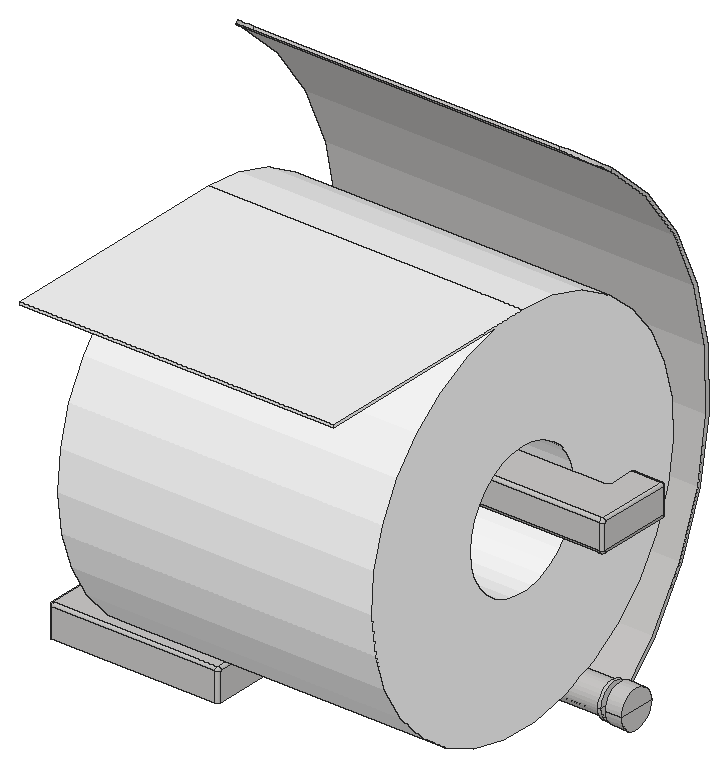
Revit family "PRD_FrankeWS_TltRllHldrs_CUBUSToiletRollHolder_CUBX111HP", category Specialty Equipment, host Face, Revit 2018
Family settings
  Host = Face
  Round Connector Dimension = Use Diameter
  Part Type = Normal
  OmniClass Number = 23.40.20.21.21
  OmniClass Title = Toilet Paper Dispensers
  Cut with Voids When Loaded = No
  Shared = No
  Room Calculation Point = No
Parameters (values of type "CUBX111HP")
  WarrantyStartDate [instance] = "1900-12-31T23:59:59"
  WarrantyGuarantorParts = "n/a"
  WarrantyGuarantorLabor = "n/a"
  WarrantyDurationUnit = "year"
  WarrantyDurationParts = "n/a"
  WarrantyDurationLabor = "n/a"
  WarrantyDescription = "n/a"
  Version = "1"
  Uniclass2015Version = "Products v1.17"
  Uniclass2015Title = "Toilet roll holders"
  Uniclass2015Code = "Pr_40_20_76_88"
  URL = "www.kwc.com"
  TypeOfMounting = "Wall mounting"
  TypeOfFixing = "Screw"
  TagNumber [instance] = "n/a"
  SustainabilityPerformance = "n/a"
  Style = "Roll holder"
  Spindle = "No"
  Size = "165 x 54 x 179 mm"
  Shape = "n/a"
  SerialNumber [instance] = "n/a"
  ToiletRollMaterial = PRD_FrankeWS_ToiletRoll
  Revision = "n/a"
  ReplacementCost = "n/a"
  ProductInformation = "https://pim.kwc.com/product/2000106363/attachment/datasheet?locale=en"
  NominalWidth = 165.00 mm
  NominalHeight = 54.00 mm
  NominalDepth = 179.00 mm
  NetWeight = 0.39 kg
  Name = "Toilet roll holder CUBX111HP"
  NBSTypeID = "n/a"
  NBSReference = "45-35-72/368"
  NBSOfficeMasterTag = "n/a"
  NBSNote = "n/a"
  NBSDescription = "Toilet roll holders"
  NBSCertification = "n/a"
  ModelReference = "CUBX111HP"
  ModelNumber = "2000106363"
  Model = ModelReference  # "CUBX111HP"
  MaterialCode = "1.4301"
  Material = "stainless steel"
  ManufacturerURL = "www.kwc.com"
  ManufacturerName = "KWC Group AG"  # constant formula
  Manufacturer = ManufacturerName  # "KWC Group AG"
  MainColor = "stainless steel"
  Lock = "No lock"
  IsBuiltIn = "TRUE"
  IntegralAccessories = "incl. stainless steel screws and dowels"
  InstallationDate [instance] = "1900-12-31T23:59:59"
  IfcExportType = "USERDEFINED"
  IfcExportAs = "IfcFurnitureType"
  HolderMaterial = PRD_AR_StainlessSteel_HighPolished
  GrossWeight = 0.52 kg
  Grade = "n/a"
  Finish = "high polished"
  FillingQuantity = "1"
  Features = "stainless steel, surface high polished"
  ExpectedLife = "n/a"
  DurationUnit = "year"
  Description = "Toilet roll holder for wall mounting, 304 stainless steel, for 1 roll with max. diameter 130 mm, stainless steel folding cover, square cover with drilled hole on bottom for fixation, inclusive stainless steel screws and dowels."
  Default Elevation = 600.00 mm
  CreateOn = "05/2020"  # constant formula
  Constituents = "n/a"
  Color = "n/a"
  CodePerformance = "n/a"
  Category = "Pr_40_20_76_88, Toilet roll holders"
  BarCode [instance] = "n/a"
  BIMObjectName = "PRD_AR_ToiletRollHolders_CUBUSToiletRollHolder_CUBX111HP"
  Author = "Archispace"  # constant formula
  AssetType = "Fixed"
  AssetIdentifier [instance] = "n/a"
  AccessibilityPerformance = "n/a"
Reference planes
  plane 1 "Center (Front/Back)": y = 0
  plane 2: z = 0
  plane 3 "Center (Left/Right)": x = 0
  plane 4: y = 27
  plane 5: y = -27
  plane 6: z = 179
  plane 7: through (0, 6.978, 172.576) normal (0, -0.6129, -0.7901)
Forms (mm)
  Extrusion 1, solid, material "PRD_AR_StainlessSteel_HighPolished" <- "HolderMaterial", detail levels fine
    sketch origin (273, 0, 0) x (1, 0, 0) y (0, 1, 0)
      loop
        line (-300, 26) -> (-300, -26)
        arc (-300, -26) -> (-299.707, -26.707) -> (-299, -27) r 1
        line (-299, -27) -> (-247, -27)
        arc (-247, -27) -> (-246.293, -26.707) -> (-246, -26) r 1
        line (-246, -26) -> (-246, 26)
        arc (-246, 26) -> (-246.293, 26.707) -> (-247, 27) r 1
        line (-247, 27) -> (-299, 27)
        arc (-299, 27) -> (-299.707, 26.707) -> (-300, 26) r 1
    from 0 to 10
  Sweep 2, void
    path in 3D
      loop
        arc (-27, -26, 10) -> (-26.707, -26.707, 10) -> (-26, -27, 10) r 1
        line (-26, -27, 10) -> (26, -27, 10)
        arc (26, -27, 10) -> (26.707, -26.707, 10) -> (27, -26, 10) r 1
        line (27, -26, 10) -> (27, 26, 10)
        arc (27, 26, 10) -> (26.707, 26.707, 10) -> (26, 27, 10) r 1
        line (26, 27, 10) -> (-26, 27, 10)
        arc (-26, 27, 10) -> (-26.707, 26.707, 10) -> (-27, 26, 10) r 1
        line (-27, 26, 10) -> (-27, -26, 10)
    profile origin (-27, 0, 10) x (1, 0, 0) y (0, 0, 1)
      loop
        line (0, 0) -> (0, -0.9)
        arc (0, -0.9) -> (0.264, -0.264) -> (0.9, 0) r 0.9
        line (0.9, 0) -> (0, 0)
  Sweep 3, solid, material "PRD_AR_StainlessSteel_HighPolished" <- "HolderMaterial", detail levels fine
    path origin (273, 0, 0) x (1, 0, 0) y (0, 0, 1)
      loop
        line (-273, 10) -> (-273, 80) -> (-135, 80)
    profile origin (0, 0, 45) x (-1, 0, 0) y (0, -1, 0)
      loop
        line (5, -11.5) -> (5, 11.5)
        arc (5, 11.5) -> (4.707, 12.207) -> (4, 12.5) r 1
        line (4, 12.5) -> (-4, 12.5)
        arc (-4, 12.5) -> (-4.707, 12.207) -> (-5, 11.5) r 1
        line (-5, 11.5) -> (-5, -11.5)
        arc (-5, -11.5) -> (-4.707, -12.207) -> (-4, -12.5) r 1
        line (-4, -12.5) -> (4, -12.5)
        arc (4, -12.5) -> (4.707, -12.207) -> (5, -11.5) r 1
  Extrusion 4, void
    sketch origin (273, 0, 0) x (1, 0, 0) y (0, 0, 1)
      loop
        line (-278, 85) -> (-278, 84)
        arc (-278, 84) -> (-277.707, 84.707) -> (-277, 85) r 1
        line (-277, 85) -> (-278, 85)
    from -20.589 to 15
  Sweep 5, void
    path in 3D
      loop
        arc (138, -12.5, 76) -> (138, -12.207, 75.293) -> (138, -11.5, 75) r 1
        line (138, -11.5, 75) -> (138, 11.5, 75)
        arc (138, 11.5, 75) -> (138, 12.207, 75.293) -> (138, 12.5, 76) r 1
        line (138, 12.5, 76) -> (138, 12.5, 84)
        arc (138, 12.5, 84) -> (138, 12.207, 84.707) -> (138, 11.5, 85) r 1
        line (138, 11.5, 85) -> (138, -11.5, 85)
        arc (138, -11.5, 85) -> (138, -12.207, 84.707) -> (138, -12.5, 84) r 1
        line (138, -12.5, 84) -> (138, -12.5, 76)
    profile origin (138, -12.5, 80) x (1, 0, 0) y (0, 1, 0)
      loop
        line (0, 0) -> (0, 0.9)
        arc (0, 0.9) -> (-0.264, 0.264) -> (-0.9, 0) r 0.9
        line (-0.9, 0) -> (0, 0)
  Extrusion 6, void
    sketch origin (273, 0, 0) x (1, 0, 0) y (0, 1, 0)
      loop
        arc (-269, 12.5) -> (-268.293, 12.207) -> (-268, 11.5) r 1
        line (-268, 11.5) -> (-268, 3.5)
        arc (-268, 3.5) -> (-267.707, 2.793) -> (-267, 2.5) r 1
        line (-267, 2.5) -> (-146, 2.5)
        arc (-146, 2.5) -> (-145.293, 2.793) -> (-145, 3.5) r 1
        line (-145, 3.5) -> (-145, 11.5)
        arc (-145, 11.5) -> (-144.707, 12.207) -> (-144, 12.5) r 1
        line (-144, 12.5) -> (-145, 12.5) -> (-269, 12.5)
    from 75 to 85
  Extrusion 7, solid, material "PRD_AR_StainlessSteel_HighPolished" <- "HolderMaterial", detail levels medium
    sketch origin (273, 0, 0) x (1, 0, 0) y (0, 1, 0)
      loop
        line (-300, 27) -> (-300, -27) -> (-246, -27) -> (-246, 27) -> (-300, 27)
    from 0 to 10
  Sweep 8, solid, material "PRD_AR_StainlessSteel_HighPolished" <- "HolderMaterial", detail levels medium
    path origin (273, 0, 0) x (1, 0, 0) y (0, 0, 1)
      loop
        line (-273, 10) -> (-273, 80) -> (-135, 80)
    profile origin (0, 0, 45) x (-1, 0, 0) y (0, -1, 0)
      loop
        line (5, -12.5) -> (5, 12.5) -> (-5, 12.5) -> (-5, -12.5) -> (5, -12.5)
  Revolve 9, solid, material "PRD_AR_StainlessSteel_HighPolished" <- "HolderMaterial", detail levels fine
    sketch origin (0, -1.577, 21) x (1, 0, 0) y (0, 1, 0)
      loop
        line (5, 12.257) -> (5, 8.507) -> (133.1, 8.507) -> (133.1, 14.457) -> (128, 14.457) -> (128, 12.257) -> (126.3, 12.257) -> (126.3, 14.057) -> (125.3, 14.057) -> (125.3, 12.507) -> (7.8, 12.507) -> (7.8, 14.057) -> (6.8, 14.057) -> (6.8, 12.257) -> (5, 12.257)
      axis (133.1, 8.507) -> (5, 8.507)
    angle from 0 to 360
  Extrusion 10, solid, material "PRD_AR_StainlessSteel_HighPolished" <- "HolderMaterial", detail levels fine
    sketch origin (0, 0, 0) x (0, 1, 0) y (0, 0, 1)
      loop
        arc (10.227, 17.181) -> (45.663, 95.653) -> (6.978, 172.576) r 100
        line (6.978, 172.576) -> (-0.923, 178.706) -> (-1.536, 177.915) -> (6.365, 171.786)
        arc (6.365, 171.786) -> (44.663, 95.632) -> (9.582, 17.945) r 99
        arc (9.582, 17.945) -> (3.197, 22.24) -> (10.886, 21.947) r 4
        line (10.886, 21.947) -> (11.858, 22.184)
        arc (11.858, 22.184) -> (2.246, 22.549) -> (10.227, 17.181) r 5
    from 7.8 to 125.3
  Extrusion 11, void
    sketch origin (0, 6.978, 172.576) x (0, 0.790131, -0.612938) y (1, 0, 0)
      loop
        line (-10, 125.3) -> (-10, 115.3)
        arc (-10, 115.3) -> (-7.071, 122.371) -> (0, 125.3) r 10
        line (0, 125.3) -> (-10, 125.3)
      loop
        line (-10, 7.8) -> (0, 7.8)
        arc (0, 7.8) -> (-7.071, 10.729) -> (-10, 17.8) r 10
        line (-10, 17.8) -> (-10, 7.8)
    from -15 to 15
  Extrusion 12, solid, material "PRD_FrankeWS_ToiletRoll" <- "ToiletRollMaterial", detail levels fine
    sketch origin (0, 0, 0) x (0, 1, 0) y (0, 0, 1)
      loop
        arc (-27.515, 139.2) -> (-12.851, 20.2) -> (-17.75, 140) r 60
        line (-17.75, 140) -> (-92.75, 140) -> (-92.75, 139.2) -> (-27.515, 139.2)
      loop
        circle (-17.75, 80) r 21
    from 16.5 to 116.5
  Extrusion 13, solid, material "PRD_AR_StainlessSteel_HighPolished" <- "HolderMaterial", detail levels coarse
    sketch origin (0, 0, 0) x (0, 1, 0) y (0, 0, 1)
      loop
        line (45.684, 0) -> (45.684, 93.563)
        arc (45.684, 93.563) -> (35.488, 137.555) -> (6.978, 172.576) r 100
        line (6.978, 172.576) -> (-1.303, 179) -> (-77.75, 179) -> (-77.75, 0) -> (45.684, 0)
    from -27 to 138
  Extrusion 14, solid, material "PRD_AR_StainlessSteel_HighPolished" <- "HolderMaterial", detail levels medium
    sketch origin (0, 0, 0) x (0, 1, 0) y (0, 0, 1)
      loop
        arc (10.227, 17.181) -> (45.663, 95.653) -> (6.978, 172.576) r 100
        line (6.978, 172.576) -> (-0.923, 178.706) -> (-1.536, 177.915) -> (6.365, 171.786)
        arc (6.365, 171.786) -> (44.608, 97.445) -> (12.308, 20.336) r 99
        line (12.308, 20.336) -> (11.858, 22.184)
        arc (11.858, 22.184) -> (2.246, 22.549) -> (10.227, 17.181) r 5
    from 7.8 to 125.3
  Extrusion 15, solid, material "PRD_FrankeWS_ToiletRoll" <- "ToiletRollMaterial", detail levels medium
    sketch origin (0, 0, 0) x (0, 1, 0) y (0, 0, 1)
      loop
        circle (-17.75, 80) r 60
    from 16.5 to 116.5
Cuts and joins
  Sweep 2 cuts Extrusion 1
  Extrusion 4, Sweep 5, Extrusion 6 cuts Sweep 3
  Extrusion 11 cuts Extrusion 10
Lines and regions (mm)
  sketch lines
    curve 1: line (-27, 26, 10) -> (-27, -26, 10)
    curve 2: arc (-27, 26, 10) -> (-26.707, 26.707, 10) -> (-26, 27, 10) r 1
    curve 3: line (26, 27, 10) -> (-26, 27, 10)
    curve 4: arc (26, 27, 10) -> (26.707, 26.707, 10) -> (27, 26, 10) r 1
    curve 5: line (27, -26, 10) -> (27, 26, 10)
    curve 6: arc (-26, -27, 10) -> (-26.707, -26.707, 10) -> (-27, -26, 10) r 1
    curve 7: line (-26, -27, 10) -> (26, -27, 10)
    curve 8: arc (27, -26, 10) -> (26.707, -26.707, 10) -> (26, -27, 10) r 1
    curve 9: line (138, -12.5, 84) -> (138, -12.5, 76)
    curve 10: arc (138, -12.5, 84) -> (138, -12.207, 84.707) -> (138, -11.5, 85) r 1
    curve 11: line (138, 11.5, 85) -> (138, -11.5, 85)
    curve 12: arc (138, 11.5, 85) -> (138, 12.207, 84.707) -> (138, 12.5, 84) r 1
    curve 13: line (138, 12.5, 76) -> (138, 12.5, 84)
    curve 14: arc (138, 12.5, 76) -> (138, 12.207, 75.293) -> (138, 11.5, 75) r 1
    curve 15: line (138, -11.5, 75) -> (138, 11.5, 75)
    curve 16: arc (138, -11.5, 75) -> (138, -12.207, 75.293) -> (138, -12.5, 76) r 1
Dimensions and locks
  plane 1 "Center (Front/Back)" to plane 5 = 27.00 mm
  plane 1 "Center (Front/Back)" to plane 4 = 27.00 mm
  plane 6 to host face = 179.00 mm
  aligned and locked: plane 2 to host face
  aligned and locked: level to host face
